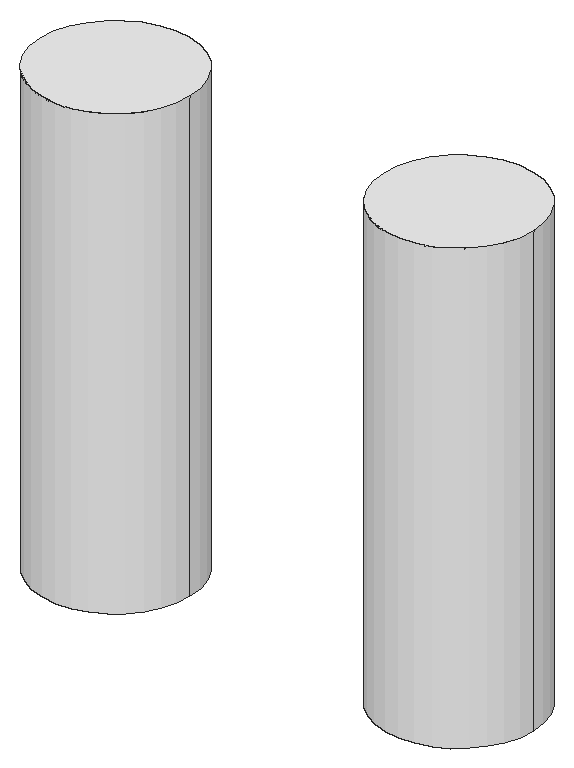
Revit family "55402203(2022)", category Plumbing Fixtures, Revit 2020
Family settings
  Round Connector Dimension = Use Diameter
  Part Type = Normal
  OmniClass Number = 23.45.55.00
  OmniClass Title = Sanitary Faucets, Wastes
  Work Plane-Based = No
  Always vertical = Yes
  Cut with Voids When Loaded = No
  Shared = No
  Room Calculation Point = No
Parameters (values of type "55402203 Washbasin faucet ")
  Working Pressure = "50 - 1000 kPa"
  WarrantyStartDate [instance] = "n/a"
  WarrantyGuarantorParts = "n/a"
  WarrantyGuarantorLabor = "n/a"
  WarrantyDurationUnit = "Year"
  WarrantyDurationParts = "n/a"
  WarrantyDurationLabor = "n/a"
  WarrantyDescription = "http://warranty.hansa.com"
  Warranty Information URL = "http://warranty.hansa.com"
  VersionDate = "01/06/2023"
  Version = "1"
  ValvePattern = "n/a"
  ValveOperation = "n/a"
  ValveMechanism = "n/a"
  Uniclass2015Reference = "Pr_40_20_87_96"
  Uniclass2015Description = "Washbasin manual water supply sets"
  Uniclass2 = "Pr_40_30_96_96"
  URL UWL = "http://static.hansa.com/UWL/55402203"
  URL REACH = "http://static.hansa.com/doc/reach"
  URL EcoLabel Declaration = "http://static.hansa.com/doc/EcoLabel"
  URL EU Packaging Declaration = "http://static.hansa.com/doc/packaging"
  URL Declaration of SCIP = "http://static.hansa.com/doc/SCIP"
  URL Declaration of Conformity = "http://static.hansa.com/DoC/55402203"
  URL Declaration of Asbestos = "http://static.hansa.com/doc/asbestos"
  URL Declaration Of Performance (DOP) = "http://static.hansa.com/doc/DoP"
  URL DVGW = "http://static.hansa.com/DVGW/55402203"
  URL ABP = "http://static.hansa.com/ABP/55402203"
  URL = ""
  UNSPSC Class Number = "30181700 Faucets or taps"
  Type Comments = ""
  TestPressure = "n/a"
  Technical DataSheet URL = "http://www.hansa.com/datasheet/55402203/en"
  TagNumber [instance] = "n/a"
  SustainabilityPerformance = "n/a"
  Surface treatment = "Chrome"
  Spout Type = "Fixed spout"
  Spout Projection = "101 mm"
  Spare-Part Information URL = "http://static.hansa.com/sp/55402203"
  Size = "50x140x125 mm"
  Shape = "Sculptured"
  SerialNumber [instance] = "n/a"
  Sales Package dimensions (LxWxH) = "395 x 195 x 70"
  Revision = "n/a"
  ReplacementCost = "n/a"
  ProductInformation = "n/a"
  Product URL = "http://static.hansa.com/55402203"
  Product Image URL = "http://static.hansa.com/image/55402203"
  Product Family = "5160 "
  Product Code = "55402203"
  OperatingMechanismMaterial = "n/a"
  NominalWidth = 47.158 mm
  NominalHeight = 122.504 mm
  NominalDepth = 138.494 mm
  Noise Class = "I (ISO 3822)"
  Name_en = "55402203 Washbasin faucet"
  Name = "55402203 Washbasin faucet"
  NBSReference = "45-35-70/371"
  NBSDescription = "Water supply fittings for wash basins and troughs"
  Mounting Holes = "1 hole"
  ModelReference = "55402203"
  ModelNumber = "n/a"
  Model = "55402203 Washbasin faucet"
  Mobile Product Information URL = "http://mpi.hansa.com/55402203"
  Mechanical Parts = "ø 35 mm ceramic cartridge for flow and temperature control"
  Max. Hot Water Supply = 70 °C
  Material = "Brass"
  Market = "Austria;Czech Republic;Germany;International;Italy;Slovakia"
  ManufacturerURL = "http://www.hansa.com"
  ManufacturerName = "HANSA"
  Manufacturer = "HANSA"
  Lever Handle = "Hot/Cold symbols;Single operating lever/handle"
  Keynote = ""
  Interactive AR View URL = "https://static.hansa.com/AR/55402203"
  InstallationDate [instance] = "n/a"
  Installation and Maintenance Guide URL = "http://static.hansa.com/manual/55402203"
  Installation Type = "Deck mounted"
  InletConnectionSize = 10 mm
  IfcExportType = "FAUCET"  # constant formula
  IfcExportAs = "IfcValveType"  # constant formula
  Group = "Washbasin faucet"
  Grade = "n/a"
  FlowCoefficient = 0
  Flow Rate At 300kPa With Flow Controller = 0.08 L/s
  Flow Drawing URL = "http://static.hansa.com/flowchart/55402203"
  Finish = "Polished"
  Features = "Single-lever"
  FaucetMainMaterial = Brass
  FDV Document URL = "http://www.hansa.com/datasheet/55402203/en/fdv"
  Extensions = "Pop-up waste with draw-rod"
  ExpectedLife = "n/a"
  ETIM Class Number = "EC011328 Washbasin mixing tap"
  EN Standard = "EN 817"
  EAN Number = "4057304018985"
  DurationUnit = "Year"
  Dimension Drawing URL = "http://static.hansa.com/dimdrw/55402203"
  Description = ""
  DefaultElevation [instance] = 900 mm
  Default Elevation = 0 mm
  Constituents = "n/a"
  Connection Size = "G3/8"
  Connection = "Flexible inlet pipes"
  Color = "Chrome"
  CodePerformance = "n/a"
  CloseOffRating = 0
  Category = "Washbasin"
  Catalog Drawing URL = "http://static.hansa.com/catdrw/55402203"
  Brand = "HANSA"
  BodyMaterial = "Brass"
  Barcode [instance] = "n/a"
  Backflow Prevention EN1717 = "AA"
  BIMObjectName = "55402203(2022)"
  Author = "BIMStone"
  AssetType = "Fixed"
  AssetIdentifier [instance] = "n/a"
  Approval DVGW = "DW-6506DO0165"
  Approval ABP = "PA-IX 10072/IO"
  Aerator = "PCA® - constant flow rate regardless of pressure variations"
  Advanced Features = "Rapid installation system"
  AccessibilityPerformance = "n/a"
  3D View = "https://static.hansa.com/AR/55402203"
  2D/3D/BIM Files URL = "http://static.hansa.com/bim/55402203"
Reference planes
  plane 1 "Center (Front/Back)": y = 0
  plane 2: z = 0
  plane 3 "Center (Left/Right)": x = 0
  plane 4: x = -23.579
  plane 5: z = 900
  plane 6: z = 870
  plane 7: y = -138.494
  plane 8: x = 23.579
  plane 9: z = 1022.504
Forms (mm)
  Extrusion 1, solid, material "Brass" <- "FaucetMainMaterial"
    sketch origin (0, -2.393, 0) x (1, 0, 0) y (0, 1, 0)
      loop
        circle (-11.5, -22.5) r 5
      loop
        circle (11.5, -22.5) r 5
    from 870 to 900
Dimensions and locks
  "DefaultElevation": plane 5 to level
  locked: plane 5 to plane 6 at 30
  "NominalDepth": plane 7 to plane 1 "Center (Front/Back)"
  equal spacing: plane 4, plane 3 "Center (Left/Right)", plane 8
  "NominalHeight": plane 9 to plane 5
  "NominalWidth": plane 4 to plane 8
  "InletConnectionSize": diameter of Extrusion 1 sketch curve  (x2)
  aligned and locked: level to plane 2
  aligned and locked: plane 5 to Extrusion 1
  aligned and locked: Extrusion 1 to plane 6
  aligned and locked: plane 1 "Center (Front/Back)" to nested 2
  aligned and locked: plane 3 "Center (Left/Right)" to nested 2
  aligned and locked: plane 3 "Center (Left/Right)" to nested 1
  aligned and locked: plane 1 "Center (Front/Back)" to nested 1
  aligned and locked: plane 5 to nested 2
Automatic sketch dimensions
  Extrusion 1 sketch curve to plane 3 "Center (Left/Right)" = 11.5 mm
  plane 3 "Center (Left/Right)" to Extrusion 1 sketch curve = 11.5 mm
  plane 1 "Center (Front/Back)" to Extrusion 1 sketch curve = 24.893 mm  (x2)
Nested families
  nested 1: "Symbol" at (0, 0, 0), type "Symbol", detail levels coarse
  nested 2: "55402203_Body" at (0, 0, 900), Material <- "FaucetMainMaterial", type "55402203_Body"
    with Material Brass
Connectors
  piping at (-11.5, -24.893, 870), diameter 10, driven by "InletConnectionSize"
    settings: on Extrusion 1, index 1, connector inside diameter 609.6 mm, connector length 0 mm, flow factor 0, pipe flow 0.08 L/s, pressure drop 0.0 Pa, fitting loss kfactor 0, connector angle 0.00°, fixture units 0, engagement length 0 mm, angle of deflection 0.00°, flow configuration 1, flow direction 1, fitting loss method 0, system type 19, joint type 0, gender type 0, connector reference index -1, connector utility 0, adjustable connector no, is connector primary yes, connector description ""
  piping at (11.5, -24.893, 870), diameter 10, driven by "InletConnectionSize"
    settings: on Extrusion 1, index 2, connector inside diameter 609.6 mm, connector length 0 mm, flow factor 0, pipe flow 0.08 L/s, pressure drop 0.0 Pa, fitting loss kfactor 0, connector angle 0.00°, fixture units 0, engagement length 0 mm, angle of deflection 0.00°, flow configuration 1, flow direction 1, fitting loss method 0, system type 20, joint type 0, gender type 0, connector reference index -1, connector utility 0, adjustable connector no, is connector primary no, connector description ""
Definition of nested family "Symbol"
  Reference planes
    plane 1: y = 0
    plane 2: x = 0
  Lines and regions (mm)
    detail lines
      curve 1: line (0, 0, 0) -> (0, -1.8, 0)
      curve 2: line (-0.4, -1.1, 0) -> (0.4, -1.1, 0)
      curve 3: line (-0.4, -1.4, 0) -> (0.4, -1.4, 0)
      curve 4: line (0.863, 0, 0) -> (-0.863, 0, 0)
      curve 5: circle (-1.163, 0, 0) r 0.3 normal (0, 0, -1)
      curve 6: circle (1.163, 0, 0) r 0.3 normal (0, 0, 1)
Definition of nested family "55402203_Body"
  Parameters (values of type "55402203_Body")
    Material [instance] = none
    Default Elevation = 0 mm
  Reference planes
    plane 1 "Center (Front/Back)": y = 0
    plane 2: z = 0
    plane 3 "Center (Left/Right)": x = 0
    plane 4: z = 122.504
    plane 5: y = -138.494
    plane 6: x = -23.579
    plane 7: x = 23.579
  Forms (mm)
    Revolve 1, solid, material <- "Material", detail levels medium
      sketch origin (0, 0, 0) x (0, 1, 0) y (0, 0, 1)
        loop
          line (0.147, -7.757) -> (-2.408, 127.297) -> (-25.896, 127.297) -> (-23.341, -7.757) -> (0.147, -7.757)
        axis (-23.333, -8.201) -> (-25.896, 127.297)
      angle from 0 to 360
    Extrusion 2, void
      sketch origin (0, 0, 0) x (0, 1, 0) y (0, 0, 1)
        loop
          line (25.641, 122.104) -> (25.641, 142.777) -> (-138.494, 142.777) -> (-138.494, 122.104) -> (25.641, 122.104)
        loop
          line (25.641, 0) -> (-134.359, 0) -> (-134.359, -25) -> (25.641, -25) -> (25.641, 0)
      from -23.579 to 23.579
    Extrusion 3, solid, material <- "Material", detail levels medium
      sketch origin (0, 0, 0) x (0, 1, 0) y (0, 0, 1)
        loop
          line (-25.682, 117.297) -> (-25.682, 122.104) -> (-110.75, 122.104)
          arc (-110.75, 122.104) -> (-111.943, 121.076) -> (-111.103, 119.744) r 1.206
          line (-111.103, 119.744) -> (-103.108, 117.297) -> (-25.682, 117.297)
      from -22 to 22
    Extrusion 4, solid, material <- "Material", detail levels medium
      sketch origin (0, 0, 0) x (0, 1, 0) y (0, 0, 1)
        loop
          line (-23.504, 69.475) -> (-23.504, 89.465) -> (-137.334, 89.465)
          arc (-137.334, 89.465) -> (-138.154, 89.126) -> (-138.494, 88.305) r 1.16
          line (-138.494, 88.305) -> (-138.494, 86.465) -> (-109.067, 69.475) -> (-23.504, 69.475)
      from -20 to 20
    Revolve 5, solid, material <- "Material", detail levels medium
      sketch origin (0, 0, 0) x (0, 1, 0) y (0, 0, 1)
        loop
          line (-124.264, 69.526) -> (-113.922, 63.556) -> (-108.864, 72.317) -> (-119.206, 78.288) -> (-124.264, 69.526)
        axis (-124.264, 69.526) -> (-119.206, 78.288)
      angle from 0 to 360
    Sweep 6, solid, material <- "Material", detail levels medium
      path origin (0, 0, 0) x (0, 1, 0) y (0, 0, 1)
        loop
          line (22.407, 66.982) -> (13.353, 66.982)
          arc (13.353, 66.982) -> (8.708, 65.495) -> (5.789, 61.587) r 8
          line (5.789, 61.587) -> (-2.584, 37.27)
      profile origin (0, 17.88, 66.982) x (0, 0, -1) y (1, 0, 0)
        loop
          circle (0, 0) r 2
    Extrusion 7, solid, material <- "Material", detail levels coarse
      sketch origin (0, 0, 0) x (1, 0, 0) y (0, 1, 0)
        loop
          line (-23.579, 0) -> (-23.579, -138.494) -> (23.579, -138.494) -> (23.579, 0) -> (-23.579, 0)
      from 0 to 122.504
  Cuts and joins
    Extrusion 2 cuts Revolve 1
    joined: Revolve 1, Extrusion 3, Extrusion 4, Revolve 5, Sweep 6
  Lines and regions (mm)
    symbolic lines, detail levels medium+fine
      curve 1: line (0, 0, 0) -> (0, -46.976, 0)
      curve 2: line (0, -46.976, 0) -> (0, -46.349, 35.089)
      curve 3: line (0, 0, 0) -> (0, -0.693, 36.619)
      curve 4: line (0, -1.692, 89.465) -> (0, -2.732, 89.465)
      curve 5: line (0, -2.732, 89.465) -> (0, -6.367, 99.452)
      curve 7: line (0, -45.682, 91.465) -> (0, -43.74, 91.465)
      curve 9: line (0, -45.682, 110.297) -> (0, -45.682, 91.465)
      curve 10: line (0, -1.349, 102.446) -> (0, -1.65, 120.138)
      curve 11: line (0, -3.65, 122.104) -> (0, -110.75, 122.104)
      curve 12: line (0, -52.682, 117.297) -> (0, -103.108, 117.297)
      curve 13: line (0, -111.103, 119.744) -> (0, -103.108, 117.297)
      curve 14: arc (0, -110.75, 122.104) -> (0, -111.943, 121.076) -> (0, -111.103, 119.744) r 1.206
      curve 15: arc (0, -45.682, 110.297) -> (0, -47.733, 115.247) -> (0, -52.682, 117.297) r 7
      curve 16: arc (0, -1.65, 120.138) -> (0, -2.248, 121.53) -> (0, -3.65, 122.104) r 2
      curve 17: arc (0, -1.927, 101.523) -> (0, -1.501, 101.899) -> (0, -1.349, 102.446) r 1
      curve 18: line (0, -80.126, 69.475) -> (0, -109.067, 69.475)
      curve 19: arc (0, -46.349, 35.089) -> (0, -56.026, 59.366) -> (0, -80.126, 69.475) r 33.783
      curve 20: line (0, -138.494, 86.465) -> (0, -130.843, 82.048)
      curve 21: line (0, -138.494, 86.465) -> (0, -138.494, 88.305)
      curve 22: arc (0, -137.334, 89.465) -> (0, -138.154, 89.126) -> (0, -138.494, 88.305) r 1.16
      curve 23: line (0, -114.745, 64.031) -> (0, -133.783, 75.022)
      curve 24: line (0, -132.212, 79.677) -> (0, -130.843, 82.048)
      curve 25: line (0, -111.514, 67.727) -> (0, -110.145, 70.098)
      curve 27: line (0, -132.212, 79.677) -> (0, -131.858, 78.356)
      curve 28: line (0, -131.858, 78.356) -> (0, -133.783, 75.022)
      curve 29: line (0, -111.514, 67.727) -> (0, -112.812, 67.38)
      curve 30: line (0, -112.812, 67.38) -> (0, -114.745, 64.031)
      curve 31: line (0, -110.145, 70.098) -> (0, -109.067, 69.475)
      curve 33: line (0, -44.276, 89.465) -> (0, -43.74, 91.465)
      curve 34: line (0, 22.407, 68.982) -> (0, 13.353, 68.982)
      curve 35: arc (0, 13.353, 68.982) -> (0, 7.546, 67.123) -> (0, 3.898, 62.238) r 10
      curve 36: line (0, 3.898, 62.238) -> (0, -0.913, 48.266)
      curve 37: line (0, 22.407, 64.982) -> (0, 13.353, 64.982)
      curve 38: arc (0, 13.353, 64.982) -> (0, 9.869, 63.867) -> (0, 7.68, 60.936) r 6
      curve 39: line (0, 7.68, 60.936) -> (0, -0.693, 36.619)
      curve 40: line (0, 22.407, 64.982) -> (0, 22.407, 68.982)
      curve 42: line (0, -0.913, 48.266) -> (0, -1.692, 89.465)
      curve 44: line (0, -6.367, 99.452) -> (0, -1.927, 101.523)
      curve 45: line (0, -44.276, 89.465) -> (0, -137.334, 89.465)
      curve 47: line (-23.579, 0, 0) -> (-21.706, 0, 88.339)
      curve 48: arc (-21.706, 0, 88.339) -> (-21.363, 0, 89.135) -> (-20.562, 0, 89.465) r 1.15
      curve 49: line (-20.562, 0, 89.465) -> (-20.207, 0, 91.476)
      curve 50: line (-20.207, 0, 91.476) -> (-22.236, 0, 91.476)
      curve 51: line (-22.236, 0, 91.476) -> (-21.787, 0, 120.893)
      curve 52: line (0, 0, 122.504) -> (-20.518, 0, 122.164)
      curve 53: arc (-20.518, 0, 122.164) -> (-21.409, 0, 121.786) -> (-21.787, 0, 120.893) r 1.29
      curve 60: line (23.579, 0, 0) -> (21.706, 0, 88.339)
      curve 61: arc (21.706, 0, 88.339) -> (21.363, 0, 89.135) -> (20.562, 0, 89.465) r 1.15
      curve 62: line (20.562, 0, 89.465) -> (20.207, 0, 91.476)
      curve 63: line (20.207, 0, 91.476) -> (22.236, 0, 91.476)
      curve 64: line (22.236, 0, 91.476) -> (21.787, 0, 120.893)
      curve 65: line (0, 0, 122.504) -> (20.518, 0, 122.164)
      curve 66: arc (20.518, 0, 122.164) -> (21.409, 0, 121.786) -> (21.787, 0, 120.893) r 1.29
      curve 69: line (-23.579, 0, 0) -> (23.579, 0, 0)
      curve 75: arc (21.853, -32.435, 0) -> (20.092, -11.239, 0) -> (1.983, -0.084, 0) r 23.579
      curve 76: line (-21.853, -124.494, 0) -> (-21.853, -32.435, 0)
      curve 77: line (21.853, -124.494, 0) -> (21.853, -32.435, 0)
      curve 78: line (7.853, -138.494, 0) -> (-7.853, -138.494, 0)
      curve 79: arc (-7.853, -138.494, 0) -> (-17.752, -134.394, 0) -> (-21.853, -124.494, 0) r 14
      curve 80: arc (21.853, -124.494, 0) -> (17.752, -134.394, 0) -> (7.853, -138.494, 0) r 14
      curve 87: line (0, 22.407, 0) -> (-1.983, 22.407, 0)
      curve 88: line (-1.983, 22.407, 0) -> (-1.983, -0.084, 0)
      curve 90: line (0, 22.407, 0) -> (1.983, 22.407, 0)
      curve 91: line (1.983, 22.407, 0) -> (1.983, -0.084, 0)
      curve 93: arc (-1.983, -0.084, 0) -> (-20.092, -11.239, 0) -> (-21.853, -32.435, 0) r 23.579
    symbolic lines, detail levels fine
      curve 6: line (0, -22.289, 92.028) -> (0, -6.367, 99.452)
      curve 8: arc (0, -24.824, 91.465) -> (0, -23.526, 91.608) -> (0, -22.289, 92.028) r 6
      curve 26: line (0, -111.514, 67.727) -> (0, -132.212, 79.677)
      curve 32: line (0, -130.843, 82.048) -> (0, -110.145, 70.098)
      curve 41: line (0, -0.693, 36.619) -> (0, -0.913, 48.266)
      curve 43: line (0, -2.732, 89.465) -> (0, -44.276, 89.465)
      curve 46: line (0, -43.74, 91.465) -> (0, -24.824, 91.465)
      curve 54: line (0, 0, 117.297) -> (-17.265, 0, 117.297)
      curve 55: arc (-17.265, 0, 117.297) -> (-20.154, 0, 118.306) -> (-21.787, 0, 120.893) r 4.641
      curve 56: spline (11.975, 0, 70.093) -> (11.567, 0, 68.444) -> (10.371, 0, 66.907) -> (8.468, 0, 65.587) -> (5.988, 0, 64.574) -> (3.099, 0, 63.937) -> (0, 0, 63.72) -> (-3.099, 0, 63.937) -> (-5.988, 0, 64.574) -> (-8.468, 0, 65.587) -> (-10.371, 0, 66.907) -> (-11.567, 0, 68.444) -> (-11.975, 0, 70.093) -> (-11.567, 0, 71.743) -> (-10.371, 0, 73.28) -> (-8.468, 0, 74.6) -> (-5.988, 0, 75.612) -> (-3.099, 0, 76.249) -> (0, 0, 76.466) -> (3.099, 0, 76.249) -> (5.988, 0, 75.612) -> (8.468, 0, 74.6) -> (10.371, 0, 73.28) -> (11.567, 0, 71.743) -> (11.975, 0, 70.093)
      curve 57: line (-11.975, 0, 70.093) -> (-11.975, 0, 76.046)
      curve 58: spline (-11.975, 0, 76.046) -> (-11.567, 0, 77.695) -> (-10.371, 0, 79.232) -> (-8.468, 0, 80.552) -> (-5.988, 0, 81.565) -> (-3.099, 0, 82.201) -> (0, 0, 82.419) -> (3.099, 0, 82.201) -> (5.988, 0, 81.565) -> (8.468, 0, 80.552) -> (10.371, 0, 79.232) -> (11.567, 0, 77.695) -> (11.975, 0, 76.046)
      curve 59: line (11.975, 0, 70.093) -> (11.975, 0, 76.046)
      curve 67: line (0, 0, 117.297) -> (17.265, 0, 117.297)
      curve 68: arc (17.265, 0, 117.297) -> (20.154, 0, 118.306) -> (21.787, 0, 120.893) r 4.641
      curve 70: line (-20.562, 0, 89.465) -> (20.562, 0, 89.465)
      curve 71: line (20.207, 0, 91.476) -> (-20.207, 0, 91.476)
      curve 72: spline (20.24, 0, 79.358) -> (19.55, 0, 81.132) -> (17.528, 0, 82.785) -> (14.312, 0, 84.205) -> (10.12, 0, 85.294) -> (5.238, 0, 85.979) -> (0, 0, 86.213) -> (-5.238, 0, 85.979) -> (-10.12, 0, 85.294) -> (-14.312, 0, 84.205) -> (-17.528, 0, 82.785) -> (-19.55, 0, 81.132) -> (-20.24, 0, 79.358)
      curve 73: arc (-20.24, 0, 79.358) -> (-17.874, 0, 73.15) -> (-11.975, 0, 70.093) r 9.326
      curve 74: arc (20.24, 0, 79.358) -> (17.874, 0, 73.15) -> (11.975, 0, 70.093) r 9.326
      curve 81: line (6.853, -112.088, 0) -> (-6.853, -112.088, 0)
      curve 82: arc (-21.853, -97.088, 0) -> (-17.459, -107.695, 0) -> (-6.853, -112.088, 0) r 15
      curve 83: arc (6.853, -112.088, 0) -> (17.459, -107.695, 0) -> (21.853, -97.088, 0) r 15
      curve 84: arc (-21.853, -23.357, 0) -> (0, -1.504, 0) -> (21.853, -23.357, 0) r 21.853
      curve 85: line (-21.853, -32.435, 0) -> (-21.853, -23.357, 0)
      curve 86: line (21.853, -32.435, 0) -> (21.853, -23.357, 0)
      curve 89: line (-1.983, -0.853, 0) -> (0, -0.853, 0)
      curve 92: line (1.983, -0.853, 0) -> (0, -0.853, 0)
      curve 94: line (1.983, -0.084, 0) -> (1.983, -0.853, 0)
      curve 95: line (-1.983, -0.084, 0) -> (-1.983, -0.853, 0)
  Dimensions and locks
    aligned and locked: level to plane 2
